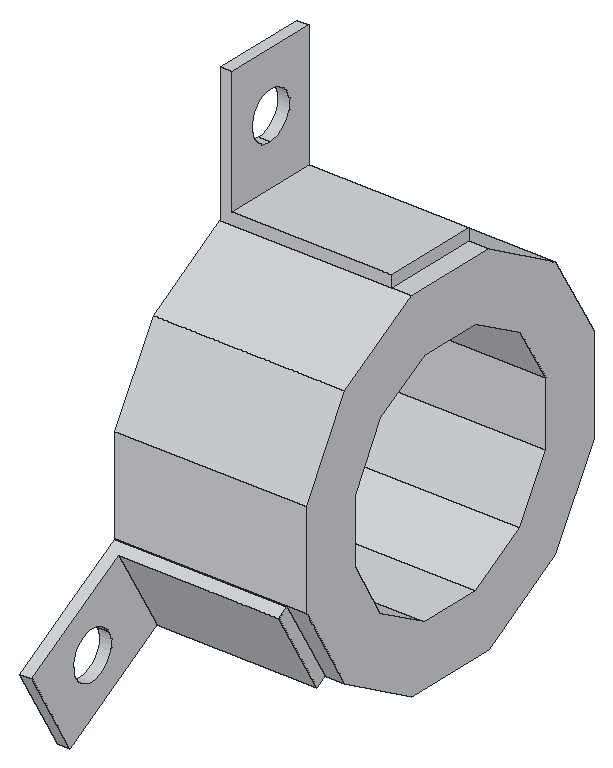
Revit family "32R", category Pipe Accessories, Revit 2019
Family settings
  Round Connector Dimension = Use Diameter
  Part Type = Breaks Into
  Work Plane-Based = No
  Always vertical = No
  Cut with Voids When Loaded = No
  Shared = No
Parameters
  URL = "https://www.snapcollars.com.au/"
  Model = "32R"
  Manufacturer = "Snap Fire Systems"
  Description = "The 32R is a metal, retro-fit fire collar for fire-rated plasterboard, concrete, masonry and Hebel Powerpanel walls and stack applications in concrete floor slabs."
Reference planes
  plane 1 "Center (Front/Back)": y = 0
  plane 2: z = 0
  plane 3 "Center (Left/Right)": x = -114.129
  plane 4: x = -205
  plane 5: x = -188.636
  plane 6: x = -190
Forms (mm)
  Extrusion 1, solid, material "PVC-White", not visible, detail levels fine
    sketch origin (0, 0, 0) x (1, 0, 0) y (0, 0, 1)
      loop
        line (-80, 60.418) -> (-227.967, 86.048) -> (-227.967, 69.12) -> (-80, 60.418)
    from -1.5 to 1.5
  Extrusion 2, solid, material "PVC-White", not visible, detail levels fine
    sketch origin (0, 0, 0) x (1, 0, 0) y (0, -0.5, 0.866025)
      loop
        line (-80, 60.418) -> (-227.967, 86.048) -> (-227.967, 69.12) -> (-80, 60.418)
    from -1.5 to 1.5
  Extrusion 3, solid, material "PVC-White", not visible, detail levels fine
    sketch origin (0, 0, 0) x (1, 0, 0) y (0, -0.866025, 0.5)
      loop
        line (-80, 60.418) -> (-227.967, 86.048) -> (-227.967, 69.12) -> (-80, 60.418)
    from -1.5 to 1.5
  Extrusion 4, solid, material "PVC-White", not visible, detail levels fine
    sketch origin (0, 0, 0) x (0, -1, 0) y (-1, 0, 0)
      loop
        line (60.418, 80) -> (86.048, 227.967) -> (69.12, 227.967) -> (60.418, 80)
    from -1.5 to 1.5
  Extrusion 5, solid, material "PVC-White", not visible, detail levels fine
    sketch origin (0, 0, 0) x (1, 0, 0) y (0, -0.866025, -0.5)
      loop
        line (-80, 60.418) -> (-227.967, 86.048) -> (-227.967, 69.12) -> (-80, 60.418)
    from -1.5 to 1.5
  Extrusion 6, solid, material "PVC-White", not visible, detail levels fine
    sketch origin (0, 0, 0) x (1, 0, 0) y (0, -0.5, -0.866025)
      loop
        line (-80, 60.418) -> (-227.967, 86.048) -> (-227.967, 69.12) -> (-80, 60.418)
    from -1.5 to 1.5
  Extrusion 7, solid, material "PVC-White", not visible, detail levels fine
    sketch origin (0, 0, 0) x (1, 0, 0) y (0, 0, -1)
      loop
        line (-80, 60.418) -> (-227.967, 86.048) -> (-227.967, 69.12) -> (-80, 60.418)
    from -1.5 to 1.5
  Extrusion 8, solid, material "PVC-White", not visible, detail levels fine
    sketch origin (0, 0, 0) x (1, 0, 0) y (0, 0.5, -0.866025)
      loop
        line (-80, 60.418) -> (-227.967, 86.048) -> (-227.967, 69.12) -> (-80, 60.418)
    from -1.5 to 1.5
  Extrusion 9, solid, material "PVC-White", not visible, detail levels fine
    sketch origin (0, 0, 0) x (1, 0, 0) y (0, 0.866025, -0.5)
      loop
        line (-80, 60.418) -> (-227.967, 86.048) -> (-227.967, 69.12) -> (-80, 60.418)
    from -1.5 to 1.5
  Extrusion 10, solid, material "PVC-White", not visible, detail levels fine
    sketch origin (0, 0, 0) x (1, 0, 0) y (0, 1, 0)
      loop
        line (-80, 60.418) -> (-227.967, 86.048) -> (-227.967, 69.12) -> (-80, 60.418)
    from -1.5 to 1.5
  Extrusion 11, solid, material "PVC-White", not visible, detail levels fine
    sketch origin (0, 0, 0) x (1, 0, 0) y (0, 0.866025, 0.5)
      loop
        line (-80, 60.418) -> (-227.967, 86.048) -> (-227.967, 69.12) -> (-80, 60.418)
    from -1.5 to 1.5
  Extrusion 12, solid, material "PVC-White", not visible, detail levels fine
    sketch origin (0, 0, 0) x (1, 0, 0) y (0, 0.5, 0.866025)
      loop
        line (-80, 60.418) -> (-227.967, 86.048) -> (-227.967, 69.12) -> (-80, 60.418)
    from -1.5 to 1.5
  Extrusion 13, solid
    sketch origin (-205, 2000, 1200) x (0, 1, 0) y (0, 0, 1)
      loop
        line (-2005.359, -1180) -> (-2014.641, -1185.359) -> (-2020, -1194.641) -> (-2020, -1205.359) -> (-2014.641, -1214.641) -> (-2005.359, -1220) -> (-1994.641, -1220) -> (-1985.359, -1214.641) -> (-1980, -1205.359) -> (-1980, -1194.641) -> (-1985.359, -1185.359) -> (-1994.641, -1180) -> (-2005.359, -1180)
      loop
        line (-1991.962, -1170) -> (-2008.038, -1170) -> (-2021.962, -1178.038) -> (-2030, -1191.962) -> (-2030, -1208.038) -> (-2021.962, -1221.962) -> (-2008.038, -1230) -> (-1991.962, -1230) -> (-1978.038, -1221.962) -> (-1970, -1208.038) -> (-1970, -1191.962) -> (-1978.038, -1178.038) -> (-1991.962, -1170)
    from 0 to 32
  Extrusion 14, solid, not visible
    sketch origin (-230, 23.225, 34.758) x (0, -0.92388, 0.382683) y (1, 0, 0)
      loop
        line (16.311, 91) -> (0, 91) -> (0, 65) -> (16.311, 65) -> (16.311, 91)
    from 0 to 3
  Extrusion 15, solid, not visible
    sketch origin (-230, 24.373, 37.53) x (0, -0.92388, 0.382683) y (1, 0, 0)
      loop
        line (16.311, 91) -> (0, 91) -> (0, 88) -> (16.311, 88) -> (16.311, 91)
    from 0 to 21
  Extrusion 16, solid, not visible
    sketch origin (-230, 29.556, 29.418) x (0, -0.828512, 0.559971) y (1, 0, 0)
      loop
        line (16.311, 91) -> (0, 91) -> (0, 65) -> (16.311, 65) -> (16.311, 91)
    from 0 to 3
  Extrusion 17, solid, not visible
    sketch origin (-230, 31.236, 31.904) x (0, -0.828512, 0.559971) y (1, 0, 0)
      loop
        line (16.311, 91) -> (0, 91) -> (0, 88) -> (16.311, 88) -> (16.311, 91)
    from 0 to 21
  Extrusion 18, solid, not visible
    sketch origin (-230, -15.852, 38.571) x (0, -0.83464, -0.550797) y (1, 0, 0)
      loop
        line (16.311, 91) -> (0, 91) -> (0, 65) -> (16.311, 65) -> (16.311, 91)
    from 0 to 3
  Extrusion 19, solid, not visible
    sketch origin (-230, -17.504, 41.075) x (0, -0.83464, -0.550797) y (1, 0, 0)
      loop
        line (16.311, 91) -> (0, 91) -> (0, 88) -> (16.311, 88) -> (16.311, 91)
    from 0 to 21
  Extrusion 20, solid, not visible
    sketch origin (-230, 29.261, -29.712) x (0, 0.564361, 0.825528) y (1, 0, 0)
      loop
        line (16.311, 91) -> (0, 91) -> (0, 65) -> (16.311, 65) -> (16.311, 91)
    from 0 to 3
  Extrusion 21, solid, not visible
    sketch origin (-230, 31.738, -31.405) x (0, 0.564361, 0.825528) y (1, 0, 0)
      loop
        line (16.311, 91) -> (0, 91) -> (0, 88) -> (16.311, 88) -> (16.311, 91)
    from 0 to 21
  Extrusion 22, solid, not visible
    sketch origin (-230, -38.657, -15.64) x (0, 0.54621, -0.837649) y (1, 0, 0)
      loop
        line (16.311, 91) -> (0, 91) -> (0, 65) -> (16.311, 65) -> (16.311, 91)
    from 0 to 3
  Extrusion 23, solid, not visible
    sketch origin (-230, -41.17, -17.279) x (0, 0.54621, -0.837649) y (1, 0, 0)
      loop
        line (16.311, 91) -> (0, 91) -> (0, 88) -> (16.311, 88) -> (16.311, 91)
    from 0 to 21
  Extrusion 24, solid
    sketch origin (25, 0, 0) x (1, 0, 0) y (0, 0, 1)
      loop
        line (-201.343, 30) -> (-201.343, 32) -> (-228.024, 32) -> (-228.024, 53) -> (-230, 53) -> (-230, 40) -> (-230, 30) -> (-201.343, 30)
    from -8 to 8
  Extrusion 25, void
    sketch origin (-203.024, 0, 53) x (0, 0, -1) y (0, 1, 0)
      loop
        circle (10, 0) r 4
    from -10.829 to 2.558
  Extrusion 26, solid, not visible
    sketch origin (25, 0, 0) x (1, 0, 0) y (0, 0, 1)
      loop
        line (-201.343, 30) -> (-201.343, 32) -> (-228.024, 32) -> (-228.024, 53) -> (-230, 53) -> (-230, 40) -> (-230, 30) -> (-201.343, 30)
    from -8 to 8
  Extrusion 27, void, not visible
    sketch origin (-203.024, 0, 53) x (0, 0, -1) y (0, 1, 0)
      loop
        circle (10, 0) r 4
    from -10.829 to 2.558
  Extrusion 28, solid
    sketch origin (25, 0, 0) x (1, 0, 0) y (0, -0.866025, -0.5)
      loop
        line (-201.343, 30) -> (-201.343, 32) -> (-228.024, 32) -> (-228.024, 53) -> (-230, 53) -> (-230, 40) -> (-230, 30) -> (-201.343, 30)
    from -8 to 8
  Extrusion 29, void
    sketch origin (-203.024, -45.899, -26.5) x (0, 0.866025, 0.5) y (0, -0.5, 0.866025)
      loop
        circle (10, 0) r 4
    from -10.829 to 2.558
  Extrusion 30, solid
    sketch origin (25, 0, 0) x (1, 0, 0) y (0, 0.866025, -0.5)
      loop
        line (-201.343, 30) -> (-201.343, 32) -> (-228.024, 32) -> (-228.024, 53) -> (-230, 53) -> (-230, 40) -> (-230, 30) -> (-201.343, 30)
    from -8 to 8
  Extrusion 31, void
    sketch origin (-203.024, 45.899, -26.5) x (0, -0.866025, 0.5) y (0, -0.5, -0.866025)
      loop
        circle (10, 0) r 4
    from -10.829 to 2.558
Cuts and joins
  Extrusion 25, Extrusion 29 cuts Extrusion 24
  Extrusion 29 cuts Extrusion 28
  Extrusion 31 cuts Extrusion 30
Lines and regions (mm)
  model lines
    curve 1: circle (-205, 0, 0) r 20 normal (1, 0, 0)
    curve 2: circle (-203.024, 0, 0) r 43 normal (1, 0, 0)
    curve 3: circle (-203.024, 0, 0) r 53 normal (1, 0, 0)
Dimensions and locks
  locked: plane 4 to plane 3 "Center (Left/Right)" at 90.871
  Extrusion 1 sketch curve to Extrusion 1 sketch curve = 0 mm
  Extrusion 2 sketch curve to Extrusion 2 sketch curve = 0 mm
  Extrusion 3 sketch curve to Extrusion 3 sketch curve = 0 mm
  Extrusion 4 sketch curve to Extrusion 4 sketch curve = 0 mm
  Extrusion 5 sketch curve to Extrusion 5 sketch curve = 0 mm
  Extrusion 6 sketch curve to Extrusion 6 sketch curve = 0 mm
  Extrusion 7 sketch curve to Extrusion 7 sketch curve = 0 mm
  Extrusion 8 sketch curve to Extrusion 8 sketch curve = 0 mm
  Extrusion 9 sketch curve to Extrusion 9 sketch curve = 0 mm
  Extrusion 10 sketch curve to Extrusion 10 sketch curve = 0 mm
  Extrusion 11 sketch curve to Extrusion 11 sketch curve = 0 mm
  Extrusion 12 sketch curve to Extrusion 12 sketch curve = 0 mm
  aligned and locked: level to plane 2
Connectors
  piping at (-190, 0, 0), diameter 40
    settings: on plane 6, index 4, connector inside diameter 609.6 mm, connector length 0 mm, flow factor 0, pipe flow 0.0 L/s, pressure drop 0.0 Pa, fitting loss kfactor 0, connector angle 0.00°, fixture units 0, engagement length 0 mm, angle of deflection 0.00°, flow configuration 0, flow direction 0, fitting loss method 0, system type 7, joint type 0, gender type 0, connector reference index -1, connector utility 0, adjustable connector no, is connector primary yes, connector description ""
  piping at (-188.636, 0, 0), diameter 40
    settings: on plane 5, index 5, connector inside diameter 609.6 mm, connector length 0 mm, flow factor 0, pipe flow 0.0 L/s, pressure drop 0.0 Pa, fitting loss kfactor 0, connector angle 0.00°, fixture units 0, engagement length 0 mm, angle of deflection 0.00°, flow configuration 0, flow direction 0, fitting loss method 0, system type 7, joint type 0, gender type 0, connector reference index -1, connector utility 0, adjustable connector no, is connector primary no, connector description ""
